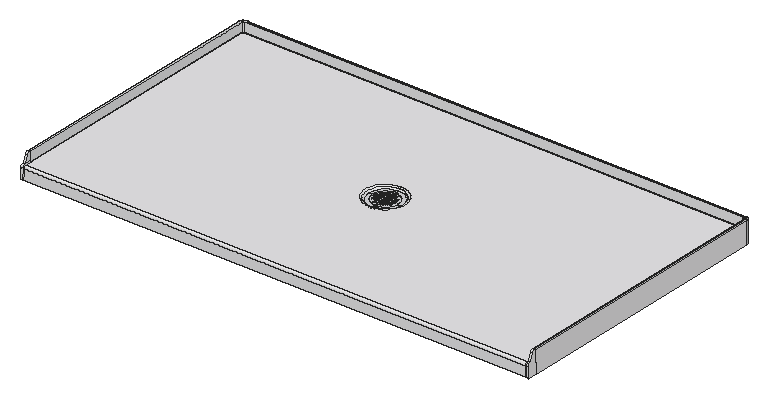
Revit family "Shower-Base-KOHLER-Ballast-K-1938_1", category Plumbing Fixtures, host Face, Revit 2015
Parameters (values of type "0-White")
  Width = 36"  # constant formula
  Waste Water Outlet = "Waste Water Outlet"  # constant formula
  Waste Connection = 1 = 1  # yes
  Vent Connection = 1 = 0  # no
  URL = "https://www.us.kohler.com/us/"
  Product Page URL = "http://www.us.kohler.com/us/catalog/productDetails.jsp?productNumber=1938"
  Product Name = "Ballast"  # constant formula
  Product Documentation Link = "http://www.us.kohler.com/onlinecatalog/pdf/K-1938_spec.pdf"
  Panel Thickness = 0"
  Model = "K-1938-0"  # constant formula
  Material = "Durable Acrylic With Resin Concrete Core Construction"  # constant formula
  MasterFormat 2004 = "22.41.23"  # constant formula
  MasterFormat 1995 = "15410"  # constant formula
  Manufacturer Address = "444 Highland Dr, Kohler, WI 53044"  # constant formula
  Manufacturer = "KOHLER Co."  # constant formula
  Length = 66"  # constant formula
  Hot Water Inlet = "Hot Water Inlet"  # constant formula
  Height = 1 5/8"  # constant formula
  HW Connection = 1 = 0  # no
  Finish = Kohler-Acrylic-0-White
  Environmental Product Declaration = ""
  Drain Included = 1 = 0  # no
  Description = "66 inch x 36 inch shower base with center drain"  # constant formula
  Default Elevation = 0"
  Declare Label = ""
  Date Modified = "01/17/2019"  # constant formula
  Date Created = "01/17/2019"  # constant formula
  Copyright = "Copyright KOHLER Co."  # constant formula
  Contact Us = "https://www.us.kohler.com/us/static/contact.jsp"
  Cold Water Inlet = "Cold Water Inlet"  # constant formula
  CW Connection = 1 = 0  # no
  Assembly Code = "D2010700"
  ADA Compliant = 1 = 0  # no
Reference planes (in)
  plane 1 "Center (Front/Back)": y = 0
  plane 2: z = 0
  plane 3 "Center (Left/Right)": x = 0
  plane 4: y = 18
  plane 5: x = -33
  plane 6: x = 33
  plane 7: y = -18
  plane 8: z = 2.875
  plane 9: z = 1.625
Forms (in)
  Extrusion 1, void
    sketch origin (0, 0, 0) x (1, 0, 0) y (0, 1, 0)
      loop
        circle (0, 0) r 1.6393
    from -1.49591 to 0.35647
Dimensions and locks (in)
  "Length": plane 5 to plane 6
  "Width": plane 7 to plane 4
  "Height": plane 9 to plane 2
  locked: plane 8 to plane 2 at 2.875
  aligned and locked: plane 2 to host face
  aligned and locked: level to host face
Automatic sketch dimensions
  host sketch curve to host sketch curve = 96"  (x2)
  plane 1 "Center (Front/Back)" to Extrusion 1 sketch curve = 0"
  Extrusion 1 sketch curve to plane 3 "Center (Left/Right)" = 0"
  radius of Extrusion 1 sketch curve = 1.6393"
Nested families (in)
  nested 1: "K-1938" at (0, 0, 0), type "K-1938"
Connectors (in)
  piping at (0, 0, -0.30219), diameter 2, driven by "Waste Connection", driven by "Waste Water Outlet"
    settings: on nested 1, index 1, connector inside diameter 24", connector length 0", flow factor 0, pipe flow 0 GPM, pressure drop 0.00 psi, fitting loss kfactor 0, connector angle 0.00°, fixture units 0, engagement length 0", angle of deflection 0.00°, flow configuration 0, flow direction 2, fitting loss method 0, system type 16, joint type 0, gender type 0, connector reference index -1, connector utility 1, adjustable connector no, is connector primary yes, connector description "Waste Water Outlet"
Definition of nested family "K-1938"
  Parameters (values of type "K-1938")
    Material = none
  Reference planes (in)
    plane 1 "Center (Front/Back)": y = 0
    plane 2: z = 0
    plane 3 "Center (Left/Right)": x = 0
    plane 4: z = 1.625
    plane 5: z = 2.875
    plane 6: x = -33
    plane 7: x = 33
    plane 8: y = 18
    plane 9: y = -18
  Forms (in)
    Sweep 1, solid, material <- "Material", detail levels medium+fine
      path origin (0, 0, 0) x (1, 0, 0) y (0, 1, 0)
        loop
          line (-32.49825, -16.86394) -> (-32.49825, 17.47191)
          arc (-32.49825, 17.47191) -> (-32.49054, 17.49052) -> (-32.47194, 17.49823) r 0.02632
          line (-32.47194, 17.49823) -> (32.47091, 17.49823)
          arc (32.47091, 17.49823) -> (32.49024, 17.49022) -> (32.49825, 17.47088) r 0.02734
          line (32.49825, 17.47088) -> (32.49825, -16.86394)
      profile origin (-32.49825, 0.30399, 0) x (-1, 0, 0) y (0, 0, 1)
        loop
          line (0.50175, 0) -> (0.42924, 2.76899)
          arc (0.42924, 2.76899) -> (0.39974, 2.83645) -> (0.33154, 2.86417) r 0.09774
          line (0.33154, 2.86417) -> (0.26556, 2.86417)
          arc (0.26556, 2.86417) -> (0.19803, 2.83706) -> (0.168, 2.77078) r 0.09766
          line (0.168, 2.77078) -> (0.11815, 1.62899)
          arc (0.11815, 1.62899) -> (0.11186, 1.6151) -> (0.09771, 1.60942) r 0.02045
          line (0.09771, 1.60942) -> (0, 1.60942) -> (0, 0) -> (0.50175, 0)
    Extrusion 2, solid, material <- "Material", detail levels medium+fine
      sketch origin (0, 0, 0) x (1, 0, 0) y (0, 1, 0)
        loop
          line (-32.49825, 17.47191) -> (-32.49825, -16.86394) -> (32.49825, -16.86394) -> (32.49825, 17.47088)
          arc (32.49825, 17.47088) -> (32.49024, 17.49022) -> (32.47091, 17.49823) r 0.02734
          line (32.47091, 17.49823) -> (-32.47194, 17.49823)
          arc (-32.47194, 17.49823) -> (-32.49054, 17.49052) -> (-32.49825, 17.47191) r 0.02632
      from 0 to 1.60942
    Sweep 3, solid, material <- "Material", detail levels medium+fine
      path origin (0, 0, 0) x (1, 0, 0) y (0, 1, 0)
        loop
          line (-33, -16.86394) -> (-32.61926, -16.86394)
      profile origin (-32.80963, -16.86394, 0) x (0, 1, 0) y (0, 0, 1)
        loop
          arc (0, 2.86207) -> (-0.19597, 2.78287) -> (-0.3202, 2.61186) r 0.38346
          line (-0.3202, 2.61186) -> (-0.64876, 1.70915)
          arc (-0.64876, 1.70915) -> (-0.71367, 1.63073) -> (-0.81354, 1.61103) r 0.15164
          arc (-0.81354, 1.61103) -> (-1.01107, 1.55519) -> (-1.1002, 1.37029) r 0.25
          line (-1.1002, 1.37029) -> (-1.13609, 0) -> (0, 0) -> (0, 2.86207)
    Extrusion 4, void, detail levels medium+fine
      sketch origin (0, 0, 0) x (1, 0, 0) y (0, 0, 1)
        loop
          line (-33.25, 0) -> (-33, 0) -> (-32.92749, 2.76905)
          arc (-32.92749, 2.76905) -> (-32.90487, 2.82901) -> (-32.84997, 2.86207) r 0.09774
          line (-32.84997, 2.86207) -> (-33.25, 2.86207) -> (-33.25, 0)
      from 16.6777 to 18.52255
    Extrusion 5, void, detail levels medium+fine
      sketch origin (0, 0, 0.01465) x (1, 0, 0) y (0, 0, 1)
        loop
          arc (-32.61927, 1.69462) -> (-32.5919, 1.63416) -> (-32.53031, 1.60942) r 0.08903
          line (-32.53031, 1.60942) -> (32.53031, 1.60942)
          arc (32.53031, 1.60942) -> (32.59188, 1.63414) -> (32.61926, 1.69457) r 0.08903
          line (32.61926, 1.69457) -> (32.66625, 2.77084)
          arc (32.66625, 2.77084) -> (32.69631, 2.83708) -> (32.76382, 2.86417) r 0.09766
          line (32.76382, 2.86417) -> (-32.76382, 2.86417)
          arc (-32.76382, 2.86417) -> (-32.69628, 2.83706) -> (-32.66625, 2.77078) r 0.09766
          line (-32.66625, 2.77078) -> (-32.61927, 1.69462)
      from 16.86394 to 18.93789
    Sweep 6, solid, material <- "Material", detail levels medium+fine
      path origin (0, 0, 0) x (1, 0, 0) y (0, 1, 0)
        loop
          line (32.61926, -16.86394) -> (-32.61926, -16.86394)
      profile origin (0, -16.86394, 0) x (0, -1, 0) y (0, 0, 1)
        loop
          line (0, 1.60938) -> (0, 0) -> (1.13609, 0) -> (1.10032, 1.36592)
          arc (1.10032, 1.36592) -> (1.02485, 1.53846) -> (0.8504, 1.60938) r 0.25
          line (0.8504, 1.60938) -> (0, 1.60938)
    Sweep 7, solid, material <- "Material", detail levels medium+fine
      path origin (0, 0, 0) x (-1, 0, 0) y (0, 1, 0)
        loop
          line (-33, -16.86394) -> (-32.61926, -16.86394)
      profile origin (32.80963, -16.86394, 0) x (0, -1, 0) y (0, 0, 1)
        loop
          line (0, 2.86207) -> (0, 0) -> (1.13609, 0) -> (1.1002, 1.37029)
          arc (1.1002, 1.37029) -> (1.01107, 1.55519) -> (0.81354, 1.61103) r 0.25
          arc (0.81354, 1.61103) -> (0.71367, 1.63073) -> (0.64876, 1.70915) r 0.15164
          line (0.64876, 1.70915) -> (0.3202, 2.61186)
          arc (0.3202, 2.61186) -> (0.19597, 2.78287) -> (0, 2.86207) r 0.38346
    Extrusion 8, void, detail levels medium+fine
      sketch origin (0, 0, 0) x (-1, 0, 0) y (0, 0, -1)
        loop
          line (-33.25, -2.86207) -> (-32.84997, -2.86207)
          arc (-32.84997, -2.86207) -> (-32.90489, -2.82899) -> (-32.92749, -2.76899) r 0.09774
          line (-32.92749, -2.76899) -> (-33, 0) -> (-33.25, 0) -> (-33.25, -2.86207)
      from 16.6777 to 18.52255
    Revolve 9, void, detail levels medium+fine
      sketch origin (0, 0, 0) x (0, 1, 0) y (0, 0, 1)
        loop
          line (0, 1.6324) -> (-2.73408, 1.6324)
          arc (-2.73408, 1.6324) -> (-2.54015, 1.59383) -> (-2.37574, 1.48397) r 0.50677
          line (-2.37574, 1.48397) -> (-2.15173, 1.25996)
          arc (-2.15173, 1.25996) -> (-2.08878, 1.2179) -> (-2.01452, 1.20312) r 0.19405
          line (-2.01452, 1.20312) -> (0, 1.20312) -> (0, 1.6324)
        axis (0, 1.6324) -> (0, 1.20312)
      angle from 0 to 360
    Revolve 10, solid, material <- "Material", detail levels medium+fine
      sketch origin (0, 0, 0) x (0, 1, 0) y (0, 0, 1)
        loop
          arc (1.52822, -1.34125) -> (1.57245, -1.32293) -> (1.59077, -1.2787) r 0.06255
          line (1.59077, -1.2787) -> (1.59077, 0.38532) -> (2.01018, 0.38532)
          arc (2.01018, 0.38532) -> (2.11576, 0.40632) -> (2.20526, 0.46612) r 0.27588
          line (2.20526, 0.46612) -> (2.4025, 0.66336)
          arc (2.4025, 0.66336) -> (2.67234, 0.84366) -> (2.99064, 0.90697) r 0.83176
          line (2.99064, 0.90697) -> (-0.00002, 0.90697) -> (-0.00002, -1.34125) -> (1.52822, -1.34125)
        axis (-0.00002, 0.90697) -> (-0.00002, -1.34125)
      angle from 0 to 360
    Revolve 11, solid, detail levels medium+fine
      sketch origin (0, 0, 0) x (1, 0, 0) y (0, 0, 1)
        loop
          line (0, -0.30219) -> (0, 1.33355) -> (-2.1875, 1.33355) -> (-2.1875, 1.29908) -> (-1.56139, 1.17737)
          arc (-1.56139, 1.17737) -> (-1.52642, 1.15657) -> (-1.51267, 1.11827) r 0.06021
          line (-1.51267, 1.11827) -> (-1.51267, -0.30219) -> (0, -0.30219)
        axis (0, 1.33355) -> (0, -0.30219)
      angle from 0 to 360
    Extrusion 12, void, detail levels medium+fine
      sketch origin (0, 0, 0) x (1, 0, 0) y (0, 1, 0)
        loop
          arc (-0.65, 1.19973) -> (-0.68536, 1.18508) -> (-0.7, 1.14973) r 0.05
          line (-0.7, 1.14973) -> (-0.7, 0.84348)
          arc (-0.7, 0.84348) -> (-0.68536, 0.80812) -> (-0.65, 0.79348) r 0.05
          line (-0.65, 0.79348) -> (-0.34375, 0.79348)
          arc (-0.34375, 0.79348) -> (-0.30839, 0.80812) -> (-0.29375, 0.84348) r 0.05
          line (-0.29375, 0.84348) -> (-0.29375, 1.14973)
          arc (-0.29375, 1.14973) -> (-0.30839, 1.18508) -> (-0.34375, 1.19973) r 0.05
          line (-0.34375, 1.19973) -> (-0.65, 1.19973)
        loop
          arc (-0.15, 0.69973) -> (-0.18536, 0.68508) -> (-0.2, 0.64973) r 0.05
          line (-0.2, 0.64973) -> (-0.2, 0.34373)
          arc (-0.2, 0.34373) -> (-0.18536, 0.30837) -> (-0.15, 0.29373) r 0.05
          line (-0.15, 0.29373) -> (0.15, 0.29373)
          arc (0.15, 0.29373) -> (0.18536, 0.30837) -> (0.2, 0.34373) r 0.05
          line (0.2, 0.34373) -> (0.2, 0.64973)
          arc (0.2, 0.64973) -> (0.18536, 0.68508) -> (0.15, 0.69973) r 0.05
          line (0.15, 0.69973) -> (-0.15, 0.69973)
        loop
          arc (-0.65, 0.69973) -> (-0.68536, 0.68508) -> (-0.7, 0.64973) r 0.05
          line (-0.7, 0.64973) -> (-0.7, 0.34373)
          arc (-0.7, 0.34373) -> (-0.68536, 0.30837) -> (-0.65, 0.29373) r 0.05
          line (-0.65, 0.29373) -> (-0.344, 0.29373)
          arc (-0.344, 0.29373) -> (-0.30864, 0.30837) -> (-0.294, 0.34373) r 0.05
          line (-0.294, 0.34373) -> (-0.294, 0.64973)
          arc (-0.294, 0.64973) -> (-0.30864, 0.68508) -> (-0.344, 0.69973) r 0.05
          line (-0.344, 0.69973) -> (-0.65, 0.69973)
        loop
          arc (-1.14975, 0.69973) -> (-1.18511, 0.68508) -> (-1.19975, 0.64973) r 0.05
          line (-1.19975, 0.64973) -> (-1.19975, 0.34373)
          arc (-1.19975, 0.34373) -> (-1.18511, 0.30837) -> (-1.14975, 0.29373) r 0.05
          line (-1.14975, 0.29373) -> (-0.84375, 0.29373)
          arc (-0.84375, 0.29373) -> (-0.80839, 0.30837) -> (-0.79375, 0.34373) r 0.05
          line (-0.79375, 0.34373) -> (-0.79375, 0.64973)
          arc (-0.79375, 0.64973) -> (-0.80839, 0.68508) -> (-0.84375, 0.69973) r 0.05
          line (-0.84375, 0.69973) -> (-1.14975, 0.69973)
        loop
          arc (-1.16875, 0.19998) -> (-1.19085, 0.19082) -> (-1.2, 0.16873) r 0.03125
          line (-1.2, 0.16873) -> (-1.2, 0.12498) -> (-1.45, 0.12498) -> (-1.45, -0.12502) -> (-1.2, -0.12502) -> (-1.2, -0.16877)
          arc (-1.2, -0.16877) -> (-1.19085, -0.19087) -> (-1.16875, -0.20002) r 0.03125
          line (-1.16875, -0.20002) -> (-0.84, -0.20002)
          arc (-0.84, -0.20002) -> (-0.80464, -0.18538) -> (-0.79, -0.15002) r 0.05
          line (-0.79, -0.15002) -> (-0.79, 0.14998)
          arc (-0.79, 0.14998) -> (-0.80464, 0.18533) -> (-0.84, 0.19998) r 0.05
          line (-0.84, 0.19998) -> (-1.16875, 0.19998)
        loop
          arc (-0.65, 0.19998) -> (-0.68536, 0.18533) -> (-0.7, 0.14998) r 0.05
          line (-0.7, 0.14998) -> (-0.7, -0.15002)
          arc (-0.7, -0.15002) -> (-0.68536, -0.18538) -> (-0.65, -0.20002) r 0.05
          line (-0.65, -0.20002) -> (-0.34375, -0.20002)
          arc (-0.34375, -0.20002) -> (-0.30839, -0.18538) -> (-0.29375, -0.15002) r 0.05
          line (-0.29375, -0.15002) -> (-0.29375, 0.14998)
          arc (-0.29375, 0.14998) -> (-0.30839, 0.18533) -> (-0.34375, 0.19998) r 0.05
          line (-0.34375, 0.19998) -> (-0.65, 0.19998)
        loop
          arc (-0.15, 0.19998) -> (-0.18536, 0.18533) -> (-0.2, 0.14998) r 0.05
          line (-0.2, 0.14998) -> (-0.2, -0.15002)
          arc (-0.2, -0.15002) -> (-0.18536, -0.18538) -> (-0.15, -0.20002) r 0.05
          line (-0.15, -0.20002) -> (0.15, -0.20002)
          arc (0.15, -0.20002) -> (0.18536, -0.18538) -> (0.2, -0.15002) r 0.05
          line (0.2, -0.15002) -> (0.2, 0.14998)
          arc (0.2, 0.14998) -> (0.18536, 0.18533) -> (0.15, 0.19998) r 0.05
          line (0.15, 0.19998) -> (-0.15, 0.19998)
        loop
          arc (0.34375, 0.19998) -> (0.30839, 0.18533) -> (0.29375, 0.14998) r 0.05
          line (0.29375, 0.14998) -> (0.29375, -0.15002)
          arc (0.29375, -0.15002) -> (0.30839, -0.18538) -> (0.34375, -0.20002) r 0.05
          line (0.34375, -0.20002) -> (0.65, -0.20002)
          arc (0.65, -0.20002) -> (0.68536, -0.18538) -> (0.7, -0.15002) r 0.05
          line (0.7, -0.15002) -> (0.7, 0.14998)
          arc (0.7, 0.14998) -> (0.68536, 0.18533) -> (0.65, 0.19998) r 0.05
          line (0.65, 0.19998) -> (0.34375, 0.19998)
        loop
          arc (0.344, 0.69973) -> (0.30864, 0.68508) -> (0.294, 0.64973) r 0.05
          line (0.294, 0.64973) -> (0.294, 0.34373)
          arc (0.294, 0.34373) -> (0.30864, 0.30837) -> (0.344, 0.29373) r 0.05
          line (0.344, 0.29373) -> (0.65, 0.29373)
          arc (0.65, 0.29373) -> (0.68536, 0.30837) -> (0.7, 0.34373) r 0.05
          line (0.7, 0.34373) -> (0.7, 0.64973)
          arc (0.7, 0.64973) -> (0.68536, 0.68508) -> (0.65, 0.69973) r 0.05
          line (0.65, 0.69973) -> (0.344, 0.69973)
        loop
          arc (0.84375, 0.69973) -> (0.80839, 0.68508) -> (0.79375, 0.64973) r 0.05
          line (0.79375, 0.64973) -> (0.79375, 0.34373)
          arc (0.79375, 0.34373) -> (0.80839, 0.30837) -> (0.84375, 0.29373) r 0.05
          line (0.84375, 0.29373) -> (1.14975, 0.29373)
          arc (1.14975, 0.29373) -> (1.18511, 0.30837) -> (1.19975, 0.34373) r 0.05
          line (1.19975, 0.34373) -> (1.19975, 0.64973)
          arc (1.19975, 0.64973) -> (1.18511, 0.68508) -> (1.14975, 0.69973) r 0.05
          line (1.14975, 0.69973) -> (0.84375, 0.69973)
        loop
          arc (0.34375, 1.19973) -> (0.30839, 1.18508) -> (0.29375, 1.14973) r 0.05
          line (0.29375, 1.14973) -> (0.29375, 0.84348)
          arc (0.29375, 0.84348) -> (0.30839, 0.80812) -> (0.34375, 0.79348) r 0.05
          line (0.34375, 0.79348) -> (0.65, 0.79348)
          arc (0.65, 0.79348) -> (0.68536, 0.80812) -> (0.7, 0.84348) r 0.05
          line (0.7, 0.84348) -> (0.7, 1.14973)
          arc (0.7, 1.14973) -> (0.68536, 1.18508) -> (0.65, 1.19973) r 0.05
          line (0.65, 1.19973) -> (0.34375, 1.19973)
        loop
          arc (0.84375, -0.29377) -> (0.80839, -0.30842) -> (0.79375, -0.34377) r 0.05
          line (0.79375, -0.34377) -> (0.79375, -0.64977)
          arc (0.79375, -0.64977) -> (0.80839, -0.68513) -> (0.84375, -0.69977) r 0.05
          line (0.84375, -0.69977) -> (1.14975, -0.69977)
          arc (1.14975, -0.69977) -> (1.18511, -0.68513) -> (1.19975, -0.64977) r 0.05
          line (1.19975, -0.64977) -> (1.19975, -0.34377)
          arc (1.19975, -0.34377) -> (1.18511, -0.30842) -> (1.14975, -0.29377) r 0.05
          line (1.14975, -0.29377) -> (0.84375, -0.29377)
        loop
          arc (0.344, -0.29377) -> (0.30864, -0.30842) -> (0.294, -0.34377) r 0.05
          line (0.294, -0.34377) -> (0.294, -0.64977)
          arc (0.294, -0.64977) -> (0.30864, -0.68513) -> (0.344, -0.69977) r 0.05
          line (0.344, -0.69977) -> (0.65, -0.69977)
          arc (0.65, -0.69977) -> (0.68536, -0.68513) -> (0.7, -0.64977) r 0.05
          line (0.7, -0.64977) -> (0.7, -0.34377)
          arc (0.7, -0.34377) -> (0.68536, -0.30842) -> (0.65, -0.29377) r 0.05
          line (0.65, -0.29377) -> (0.344, -0.29377)
        loop
          arc (-0.15, -0.29377) -> (-0.18536, -0.30842) -> (-0.2, -0.34377) r 0.05
          line (-0.2, -0.34377) -> (-0.2, -0.64977)
          arc (-0.2, -0.64977) -> (-0.18536, -0.68513) -> (-0.15, -0.69977) r 0.05
          line (-0.15, -0.69977) -> (0.15, -0.69977)
          arc (0.15, -0.69977) -> (0.18536, -0.68513) -> (0.2, -0.64977) r 0.05
          line (0.2, -0.64977) -> (0.2, -0.34377)
          arc (0.2, -0.34377) -> (0.18536, -0.30842) -> (0.15, -0.29377) r 0.05
          line (0.15, -0.29377) -> (-0.15, -0.29377)
        loop
          arc (-0.65, -0.29377) -> (-0.68536, -0.30842) -> (-0.7, -0.34377) r 0.05
          line (-0.7, -0.34377) -> (-0.7, -0.64977)
          arc (-0.7, -0.64977) -> (-0.68536, -0.68513) -> (-0.65, -0.69977) r 0.05
          line (-0.65, -0.69977) -> (-0.344, -0.69977)
          arc (-0.344, -0.69977) -> (-0.30864, -0.68513) -> (-0.294, -0.64977) r 0.05
          line (-0.294, -0.64977) -> (-0.294, -0.34377)
          arc (-0.294, -0.34377) -> (-0.30864, -0.30842) -> (-0.344, -0.29377) r 0.05
          line (-0.344, -0.29377) -> (-0.65, -0.29377)
        loop
          arc (0.34375, -0.79352) -> (0.30839, -0.80817) -> (0.29375, -0.84352) r 0.05
          line (0.29375, -0.84352) -> (0.29375, -1.14977)
          arc (0.29375, -1.14977) -> (0.30839, -1.18513) -> (0.34375, -1.19977) r 0.05
          line (0.34375, -1.19977) -> (0.65, -1.19977)
          arc (0.65, -1.19977) -> (0.68536, -1.18513) -> (0.7, -1.14977) r 0.05
          line (0.7, -1.14977) -> (0.7, -0.84352)
          arc (0.7, -0.84352) -> (0.68536, -0.80817) -> (0.65, -0.79352) r 0.05
          line (0.65, -0.79352) -> (0.34375, -0.79352)
        loop
          arc (-0.65, -0.79352) -> (-0.68536, -0.80817) -> (-0.7, -0.84352) r 0.05
          line (-0.7, -0.84352) -> (-0.7, -1.14977)
          arc (-0.7, -1.14977) -> (-0.68536, -1.18513) -> (-0.65, -1.19977) r 0.05
          line (-0.65, -1.19977) -> (-0.34375, -1.19977)
          arc (-0.34375, -1.19977) -> (-0.30839, -1.18513) -> (-0.29375, -1.14977) r 0.05
          line (-0.29375, -1.14977) -> (-0.29375, -0.84352)
          arc (-0.29375, -0.84352) -> (-0.30839, -0.80817) -> (-0.34375, -0.79352) r 0.05
          line (-0.34375, -0.79352) -> (-0.65, -0.79352)
        loop
          arc (-1.14975, -0.29377) -> (-1.18511, -0.30842) -> (-1.19975, -0.34377) r 0.05
          line (-1.19975, -0.34377) -> (-1.19975, -0.64977)
          arc (-1.19975, -0.64977) -> (-1.18511, -0.68513) -> (-1.14975, -0.69977) r 0.05
          line (-1.14975, -0.69977) -> (-0.84375, -0.69977)
          arc (-0.84375, -0.69977) -> (-0.80839, -0.68513) -> (-0.79375, -0.64977) r 0.05
          line (-0.79375, -0.64977) -> (-0.79375, -0.34377)
          arc (-0.79375, -0.34377) -> (-0.80839, -0.30842) -> (-0.84375, -0.29377) r 0.05
          line (-0.84375, -0.29377) -> (-1.14975, -0.29377)
        loop
          arc (-0.2, -1.16852) -> (-0.19085, -1.19062) -> (-0.16875, -1.19977) r 0.03125
          line (-0.16875, -1.19977) -> (-0.13, -1.19977) -> (-0.13, -1.47152) -> (0.13, -1.47152) -> (0.13, -1.19977) -> (0.16875, -1.19977)
          arc (0.16875, -1.19977) -> (0.19085, -1.19062) -> (0.2, -1.16852) r 0.03125
          line (0.2, -1.16852) -> (0.2, -0.83977)
          arc (0.2, -0.83977) -> (0.18536, -0.80442) -> (0.15, -0.78977) r 0.05
          line (0.15, -0.78977) -> (-0.15, -0.78977)
          arc (-0.15, -0.78977) -> (-0.18536, -0.80442) -> (-0.2, -0.83977) r 0.05
          line (-0.2, -0.83977) -> (-0.2, -1.16852)
        loop
          arc (1.16875, -0.20002) -> (1.19085, -0.19087) -> (1.2, -0.16877) r 0.03125
          line (1.2, -0.16877) -> (1.2, -0.12502) -> (1.45, -0.12502) -> (1.45, 0.12498) -> (1.2, 0.12498) -> (1.2, 0.16873)
          arc (1.2, 0.16873) -> (1.19085, 0.19082) -> (1.16875, 0.19998) r 0.03125
          line (1.16875, 0.19998) -> (0.84, 0.19998)
          arc (0.84, 0.19998) -> (0.80464, 0.18533) -> (0.79, 0.14998) r 0.05
          line (0.79, 0.14998) -> (0.79, -0.15002)
          arc (0.79, -0.15002) -> (0.80464, -0.18538) -> (0.84, -0.20002) r 0.05
          line (0.84, -0.20002) -> (1.16875, -0.20002)
        loop
          arc (0.2, 1.16753) -> (0.19057, 1.1903) -> (0.1678, 1.19973) r 0.0322
          line (0.1678, 1.19973) -> (0.13, 1.19973) -> (0.13, 1.44973) -> (-0.13, 1.44973) -> (-0.13, 1.19973) -> (-0.16875, 1.19973)
          arc (-0.16875, 1.19973) -> (-0.19085, 1.19057) -> (-0.2, 1.16848) r 0.03125
          line (-0.2, 1.16848) -> (-0.2, 0.83973)
          arc (-0.2, 0.83973) -> (-0.18536, 0.80437) -> (-0.15, 0.78973) r 0.05
          line (-0.15, 0.78973) -> (0.15, 0.78973)
          arc (0.15, 0.78973) -> (0.18536, 0.80437) -> (0.2, 0.83973) r 0.05
          line (0.2, 0.83973) -> (0.2, 1.16753)
      from 0.6279 to 2.01629
    Extrusion 13, void, detail levels medium+fine
      sketch origin (0, 0, 0) x (1, 0, 0) y (0, 1, 0)
        loop
          circle (0, 0) r 1.67829
      from 1.31562 to 2.58908
    Extrusion 14, solid, material <- "Material", detail levels coarse
      sketch origin (0, 0, 0) x (1, 0, 0) y (0, 1, 0)
        loop
          line (-32.99825, 17.99823) -> (-32.99825, -18) -> (32.99825, -18) -> (32.99825, 17.99823) -> (-32.99825, 17.99823)
        loop
          line (-32.61487, 17.61278) -> (-32.61487, -17.61278) -> (32.61487, -17.61278) -> (32.61487, 17.61278) -> (-32.61487, 17.61278)
      from 0 to 2.86207
    Extrusion 15, solid, material <- "Material", detail levels coarse
      sketch origin (0, 0, 0) x (1, 0, 0) y (0, 1, 0)
        loop
          line (-32.61487, -17.61278) -> (32.61487, -17.61278) -> (32.61487, 17.61278) -> (-32.61487, 17.61278) -> (-32.61487, -17.61278)
      from 0 to 1.60675
    Extrusion 16, void, detail levels coarse
      sketch origin (0, 0, 0) x (1, 0, 0) y (0, 0, 1)
        loop
          line (-32.59597, 1.60938) -> (32.59597, 1.60938) -> (32.59597, 3.10938) -> (-32.59597, 3.10938) -> (-32.59597, 1.60938)
      from 16.86394 to 18.56047
    Extrusion 17, solid, material <- "Material", detail levels coarse
      sketch origin (0, 0, 0) x (1, 0, 0) y (0, 1, 0)
        loop
          circle (0, 0) r 1.59079
      from -1.34948 to 0.28274
  Cuts and joins
    Extrusion 4, Extrusion 5, Extrusion 8 cuts Sweep 3
    Extrusion 5, Extrusion 8 cuts Sweep 7
    joined: Sweep 3, Sweep 7
    Extrusion 12, Extrusion 13 cuts Revolve 11
    Extrusion 8, Revolve 9, Extrusion 12 cuts Sweep 1
    Extrusion 8, Revolve 9, Extrusion 12 cuts Extrusion 2
    Extrusion 8, Revolve 9, Extrusion 12 cuts Sweep 6
    Extrusion 12 cuts Revolve 10
    joined: Sweep 1, Extrusion 2, Sweep 6, Revolve 10
    Extrusion 16 cuts Extrusion 14
    joined: Extrusion 14, Extrusion 15, Extrusion 17
  Lines and regions (in)
    Masking region 1
      outline origin (0, 0, 0) x (1, 0, 0) y (0, 0, 1)
        loop
          line (-33, 0) -> (-1.59079, 0) -> (-1.59079, -1.27895)
          arc (-1.59079, -1.27895) -> (-1.57254, -1.323) -> (-1.52849, -1.34125) r 0.0623
          line (-1.52849, -1.34125) -> (1.52873, -1.34125)
          arc (1.52873, -1.34125) -> (1.57261, -1.32307) -> (1.59079, -1.27919) r 0.06206
          line (1.59079, -1.27919) -> (1.59079, 0) -> (33, 0) -> (32.9279, 2.75327)
          arc (32.9279, 2.75327) -> (32.89017, 2.83954) -> (32.80295, 2.875) r 0.125
          line (32.80295, 2.875) -> (-32.80295, 2.875)
          arc (-32.80295, 2.875) -> (-32.89017, 2.83954) -> (-32.9279, 2.75327) r 0.125
          line (-32.9279, 2.75327) -> (-33, 0)
    Masking region 2
      outline origin (0, 0, 0) x (0, 1, 0) y (0, 0, 1)
        loop
          line (17.99998, 0) -> (17.92788, 2.75327)
          arc (17.92788, 2.75327) -> (17.89015, 2.83954) -> (17.80292, 2.875) r 0.125
          line (17.80292, 2.875) -> (-16.86394, 2.875)
          arc (-16.86394, 2.875) -> (-17.06001, 2.78721) -> (-17.18414, 2.61186) r 0.40725
          line (-17.18414, 2.61186) -> (-17.51273, 1.70907)
          arc (-17.51273, 1.70907) -> (-17.57764, 1.63071) -> (-17.67748, 1.61103) r 0.15164
          arc (-17.67748, 1.61103) -> (-17.875, 1.55519) -> (-17.96414, 1.37029) r 0.25
          line (-17.96414, 1.37029) -> (-18.00002, 0) -> (-1.59077, 0) -> (-1.59077, -1.2787)
          arc (-1.59077, -1.2787) -> (-1.57245, -1.32293) -> (-1.52822, -1.34125) r 0.06255
          line (-1.52822, -1.34125) -> (1.52822, -1.34125)
          arc (1.52822, -1.34125) -> (1.57245, -1.32293) -> (1.59077, -1.2787) r 0.06255
          line (1.59077, -1.2787) -> (1.59077, 0) -> (17.99998, 0)
    Masking region 3
      outline origin (0, 0, 0) x (1, 0, 0) y (0, 1, 0)
        loop
          line (-33, 17.68412) -> (-33, -17.68359)
          arc (-33, -17.68359) -> (-32.90733, -17.90733) -> (-32.68359, -18) r 0.31641
          line (-32.68359, -18) -> (32.68359, -18)
          arc (32.68359, -18) -> (32.90733, -17.90733) -> (33, -17.68359) r 0.31641
          line (33, -17.68359) -> (33, 17.68359)
          arc (33, 17.68359) -> (32.90733, 17.90733) -> (32.68359, 18) r 0.31641
          line (32.68359, 18) -> (-32.68412, 18)
          arc (-32.68412, 18) -> (-32.90748, 17.90748) -> (-33, 17.68412) r 0.31588
    symbolic lines, detail levels medium+fine
      curve 1: line (-32.66535, 0, 2.76478) -> (-32.62058, 0, 1.73932)
      curve 2: line (-32.53146, 0, 1.625) -> (32.53146, 0, 1.625)
      curve 3: arc (-32.77738, 0, 2.875) -> (-32.69968, 0, 2.84194) -> (-32.66535, 0, 2.76478) r 0.11529
      curve 4: arc (-32.62058, 0, 1.73932) -> (-32.59428, 0, 1.66792) -> (-32.53146, 0, 1.625) r 0.125
      curve 5: line (32.66535, 0, 2.76478) -> (32.62058, 0, 1.73932)
      curve 6: arc (32.77738, 0, 2.875) -> (32.69968, 0, 2.84194) -> (32.66535, 0, 2.76478) r 0.11529
      curve 7: arc (32.62058, 0, 1.73932) -> (32.59428, 0, 1.66792) -> (32.53146, 0, 1.625) r 0.125
      curve 8: line (-1.59079, 0, 0) -> (1.59079, 0, 0)
      curve 9: line (0, 1.59077, 0) -> (0, -1.59082, 0)
      curve 10: line (32.61423, 17.82909, 0) -> (-32.61336, 17.82909, 0)
      curve 11: line (-32.82912, 17.61334, 0) -> (-32.82912, -17.64227, 0)
      curve 12: arc (-32.61336, 17.82909, 0) -> (-32.76592, 17.7659, 0) -> (-32.82912, 17.61334, 0) r 0.21576
      curve 13: line (32.82912, 17.61421, 0) -> (32.82912, -17.64227, 0)
      curve 14: arc (32.82912, 17.61421, 0) -> (32.76618, 17.76616, 0) -> (32.61423, 17.82909, 0) r 0.21488
      curve 15: line (-32.48483, -17.3986, 0) -> (-32.48483, 17.42535, 0)
      curve 16: line (-32.42593, 17.48425, 0) -> (32.42671, 17.48425, 0)
      curve 17: line (32.48485, 17.42611, 0) -> (32.48485, -17.4117, 0)
      curve 18: line (32.71542, -17.64227, 0) -> (33, -17.64227, 0)
      curve 19: arc (32.48485, -17.4117, 0) -> (32.55238, -17.57474, 0) -> (32.71542, -17.64227, 0) r 0.23057
      curve 20: arc (32.42671, 17.48425, 0) -> (32.46782, 17.46722, 0) -> (32.48485, 17.42611, 0) r 0.05814
      curve 21: arc (-32.48483, 17.42535, 0) -> (-32.46758, 17.467, 0) -> (-32.42593, 17.48425, 0) r 0.0589
      curve 22: line (-32.71542, -17.64227, 0) -> (-33, -17.64227, 0)
      curve 23: arc (-32.48485, -17.4117, 0) -> (-32.55238, -17.57474, 0) -> (-32.71542, -17.64227, 0) r 0.23057
      curve 24: line (-25.81518, 16.21115, 0) -> (25.81518, 16.21115, 0)
      curve 25: line (31.06518, 10.96115, 0) -> (31.06518, -10.45333, 0)
      curve 26: line (-25.81518, -15.70333, 0) -> (25.81518, -15.70333, 0)
      curve 27: line (-31.06518, 10.96115, 0) -> (-31.06518, -10.45333, 0)
      curve 28: arc (-31.06518, 10.96115, 0) -> (-29.5275, 14.67346, 0) -> (-25.81518, 16.21115, 0) r 5.25
      curve 29: arc (-31.06518, -10.45333, 0) -> (-29.5275, -14.16564, 0) -> (-25.81518, -15.70333, 0) r 5.25
      curve 30: arc (25.81518, -15.70333, 0) -> (29.5275, -14.16564, 0) -> (31.06518, -10.45333, 0) r 5.25
      curve 31: arc (25.81518, 16.21115, 0) -> (29.5275, 14.67346, 0) -> (31.06518, 10.96115, 0) r 5.25
      curve 32: arc (-30.06518, 10.96115, 0) -> (-28.82039, 13.96635, 0) -> (-25.81518, 15.21115, 0) r 4.25
      curve 33: line (-25.81518, 15.21115, 0) -> (25.81518, 15.21115, 0)
      curve 34: arc (25.81518, 15.21115, 0) -> (28.82039, 13.96635, 0) -> (30.06518, 10.96115, 0) r 4.25
      curve 35: line (30.06518, 10.96115, 0) -> (30.06518, -10.45333, 0)
      curve 36: arc (25.81518, -14.70333, 0) -> (28.82039, -13.45854, 0) -> (30.06518, -10.45333, 0) r 4.25
      curve 37: line (-25.81518, -14.70333, 0) -> (25.81518, -14.70333, 0)
      curve 38: arc (-30.06518, -10.45333, 0) -> (-28.82039, -13.45854, 0) -> (-25.81518, -14.70333, 0) r 4.25
      curve 39: line (-30.06518, 10.96115, 0) -> (-30.06518, -10.45333, 0)
      curve 40: circle (0, 0, 0) r 2.58322 normal (0, 0, 1)
      curve 41: circle (0, 0, 0) r 2.1875 normal (0, 0, 1)
      curve 42: line (-0.65, 1.19973, 0) -> (-0.34375, 1.19973, 0)
      curve 43: arc (-0.34375, 1.19973, 0) -> (-0.30839, 1.18508, 0) -> (-0.29375, 1.14973, 0) r 0.05
      curve 44: line (-0.29375, 1.14973, 0) -> (-0.29375, 0.84348, 0)
      curve 45: arc (-0.29375, 0.84348, 0) -> (-0.30839, 0.80812, 0) -> (-0.34375, 0.79348, 0) r 0.05
      curve 46: line (-0.34375, 0.79348, 0) -> (-0.65, 0.79348, 0)
      curve 47: arc (-0.65, 0.79348, 0) -> (-0.68536, 0.80812, 0) -> (-0.7, 0.84348, 0) r 0.05
      curve 48: line (-0.7, 0.84348, 0) -> (-0.7, 1.14973, 0)
      curve 49: arc (-0.7, 1.14973, 0) -> (-0.68536, 1.18508, 0) -> (-0.65, 1.19973, 0) r 0.05
      curve 50: line (-0.15, 0.69973, 0) -> (0.15, 0.69973, 0)
      curve 51: arc (0.15, 0.69973, 0) -> (0.18536, 0.68508, 0) -> (0.2, 0.64973, 0) r 0.05
      curve 52: line (0.2, 0.64973, 0) -> (0.2, 0.34373, 0)
      curve 53: arc (0.2, 0.34373, 0) -> (0.18536, 0.30837, 0) -> (0.15, 0.29373, 0) r 0.05
      curve 54: line (0.15, 0.29373, 0) -> (-0.15, 0.29373, 0)
      curve 55: arc (-0.15, 0.29373, 0) -> (-0.18536, 0.30837, 0) -> (-0.2, 0.34373, 0) r 0.05
      curve 56: line (-0.2, 0.34373, 0) -> (-0.2, 0.64973, 0)
      curve 57: arc (-0.2, 0.64973, 0) -> (-0.18536, 0.68508, 0) -> (-0.15, 0.69973, 0) r 0.05
      curve 58: line (-0.65, 0.69973, 0) -> (-0.344, 0.69973, 0)
      curve 59: arc (-0.344, 0.69973, 0) -> (-0.30864, 0.68508, 0) -> (-0.294, 0.64973, 0) r 0.05
      curve 60: line (-0.294, 0.64973, 0) -> (-0.294, 0.34373, 0)
      curve 61: arc (-0.294, 0.34373, 0) -> (-0.30864, 0.30837, 0) -> (-0.344, 0.29373, 0) r 0.05
      curve 62: line (-0.344, 0.29373, 0) -> (-0.65, 0.29373, 0)
      curve 63: arc (-0.65, 0.29373, 0) -> (-0.68536, 0.30837, 0) -> (-0.7, 0.34373, 0) r 0.05
      curve 64: line (-0.7, 0.34373, 0) -> (-0.7, 0.64973, 0)
      curve 65: arc (-0.7, 0.64973, 0) -> (-0.68536, 0.68508, 0) -> (-0.65, 0.69973, 0) r 0.05
      curve 66: line (-1.14975, 0.69973, 0) -> (-0.84375, 0.69973, 0)
      curve 67: arc (-0.84375, 0.69973, 0) -> (-0.80839, 0.68508, 0) -> (-0.79375, 0.64973, 0) r 0.05
      curve 68: line (-0.79375, 0.64973, 0) -> (-0.79375, 0.34373, 0)
      curve 69: arc (-0.79375, 0.34373, 0) -> (-0.80839, 0.30837, 0) -> (-0.84375, 0.29373, 0) r 0.05
      curve 70: line (-0.84375, 0.29373, 0) -> (-1.14975, 0.29373, 0)
      curve 71: arc (-1.14975, 0.29373, 0) -> (-1.18511, 0.30837, 0) -> (-1.19975, 0.34373, 0) r 0.05
      curve 72: line (-1.19975, 0.34373, 0) -> (-1.19975, 0.64973, 0)
      curve 73: arc (-1.19975, 0.64973, 0) -> (-1.18511, 0.68508, 0) -> (-1.14975, 0.69973, 0) r 0.05
      curve 74: line (-1.16875, 0.19998, 0) -> (-0.84, 0.19998, 0)
      curve 75: arc (-0.84, 0.19998, 0) -> (-0.80464, 0.18533, 0) -> (-0.79, 0.14998, 0) r 0.05
      curve 76: line (-0.79, 0.14998, 0) -> (-0.79, -0.15002, 0)
      curve 77: arc (-0.79, -0.15002, 0) -> (-0.80464, -0.18538, 0) -> (-0.84, -0.20002, 0) r 0.05
      curve 78: line (-0.84, -0.20002, 0) -> (-1.16875, -0.20002, 0)
      curve 79: line (-1.2, -0.12502, 0) -> (-1.45, -0.12502, 0)
      curve 80: line (-1.45, -0.12502, 0) -> (-1.45, 0.12498, 0)
      curve 81: line (-1.45, 0.12498, 0) -> (-1.2, 0.12498, 0)
      curve 82: line (-0.65, 0.19998, 0) -> (-0.34375, 0.19998, 0)
      curve 83: arc (-0.34375, 0.19998, 0) -> (-0.30839, 0.18533, 0) -> (-0.29375, 0.14998, 0) r 0.05
      curve 84: line (-0.29375, 0.14998, 0) -> (-0.29375, -0.15002, 0)
      curve 85: arc (-0.29375, -0.15002, 0) -> (-0.30839, -0.18538, 0) -> (-0.34375, -0.20002, 0) r 0.05
      curve 86: line (-0.34375, -0.20002, 0) -> (-0.65, -0.20002, 0)
      curve 87: arc (-0.65, -0.20002, 0) -> (-0.68536, -0.18538, 0) -> (-0.7, -0.15002, 0) r 0.05
      curve 88: line (-0.7, -0.15002, 0) -> (-0.7, 0.14998, 0)
      curve 89: arc (-0.7, 0.14998, 0) -> (-0.68536, 0.18533, 0) -> (-0.65, 0.19998, 0) r 0.05
      curve 90: line (-0.15, 0.19998, 0) -> (0.15, 0.19998, 0)
      curve 91: arc (0.15, 0.19998, 0) -> (0.18536, 0.18533, 0) -> (0.2, 0.14998, 0) r 0.05
      curve 92: line (0.2, 0.14998, 0) -> (0.2, -0.15002, 0)
      curve 93: arc (0.2, -0.15002, 0) -> (0.18536, -0.18538, 0) -> (0.15, -0.20002, 0) r 0.05
      curve 94: line (0.15, -0.20002, 0) -> (-0.15, -0.20002, 0)
      curve 95: arc (-0.15, -0.20002, 0) -> (-0.18536, -0.18538, 0) -> (-0.2, -0.15002, 0) r 0.05
      curve 96: line (-0.2, -0.15002, 0) -> (-0.2, 0.14998, 0)
      curve 97: arc (-0.2, 0.14998, 0) -> (-0.18536, 0.18533, 0) -> (-0.15, 0.19998, 0) r 0.05
      curve 98: line (0.34375, 0.19998, 0) -> (0.65, 0.19998, 0)
      curve 99: arc (0.65, 0.19998, 0) -> (0.68536, 0.18533, 0) -> (0.7, 0.14998, 0) r 0.05
      curve 100: line (0.7, 0.14998, 0) -> (0.7, -0.15002, 0)
      curve 101: arc (0.7, -0.15002, 0) -> (0.68536, -0.18538, 0) -> (0.65, -0.20002, 0) r 0.05
      curve 102: line (0.65, -0.20002, 0) -> (0.34375, -0.20002, 0)
      curve 103: arc (0.34375, -0.20002, 0) -> (0.30839, -0.18538, 0) -> (0.29375, -0.15002, 0) r 0.05
      curve 104: line (0.29375, -0.15002, 0) -> (0.29375, 0.14998, 0)
      curve 105: arc (0.29375, 0.14998, 0) -> (0.30839, 0.18533, 0) -> (0.34375, 0.19998, 0) r 0.05
      curve 106: line (0.344, 0.69973, 0) -> (0.65, 0.69973, 0)
      curve 107: arc (0.65, 0.69973, 0) -> (0.68536, 0.68508, 0) -> (0.7, 0.64973, 0) r 0.05
      curve 108: line (0.7, 0.64973, 0) -> (0.7, 0.34373, 0)
      curve 109: arc (0.7, 0.34373, 0) -> (0.68536, 0.30837, 0) -> (0.65, 0.29373, 0) r 0.05
      curve 110: line (0.65, 0.29373, 0) -> (0.344, 0.29373, 0)
      curve 111: arc (0.344, 0.29373, 0) -> (0.30864, 0.30837, 0) -> (0.294, 0.34373, 0) r 0.05
      curve 112: line (0.294, 0.34373, 0) -> (0.294, 0.64973, 0)
      curve 113: arc (0.294, 0.64973, 0) -> (0.30864, 0.68508, 0) -> (0.344, 0.69973, 0) r 0.05
      curve 114: line (0.84375, 0.69973, 0) -> (1.14975, 0.69973, 0)
      curve 115: arc (1.14975, 0.69973, 0) -> (1.18511, 0.68508, 0) -> (1.19975, 0.64973, 0) r 0.05
      curve 116: line (1.19975, 0.64973, 0) -> (1.19975, 0.34373, 0)
      curve 117: arc (1.19975, 0.34373, 0) -> (1.18511, 0.30837, 0) -> (1.14975, 0.29373, 0) r 0.05
      curve 118: line (1.14975, 0.29373, 0) -> (0.84375, 0.29373, 0)
      curve 119: arc (0.84375, 0.29373, 0) -> (0.80839, 0.30837, 0) -> (0.79375, 0.34373, 0) r 0.05
      curve 120: line (0.79375, 0.34373, 0) -> (0.79375, 0.64973, 0)
      curve 121: arc (0.79375, 0.64973, 0) -> (0.80839, 0.68508, 0) -> (0.84375, 0.69973, 0) r 0.05
      curve 122: line (0.34375, 1.19973, 0) -> (0.65, 1.19973, 0)
      curve 123: arc (0.65, 1.19973, 0) -> (0.68536, 1.18508, 0) -> (0.7, 1.14973, 0) r 0.05
      curve 124: line (0.7, 1.14973, 0) -> (0.7, 0.84348, 0)
      curve 125: arc (0.7, 0.84348, 0) -> (0.68536, 0.80812, 0) -> (0.65, 0.79348, 0) r 0.05
      curve 126: line (0.65, 0.79348, 0) -> (0.34375, 0.79348, 0)
      curve 127: arc (0.34375, 0.79348, 0) -> (0.30839, 0.80812, 0) -> (0.29375, 0.84348, 0) r 0.05
      curve 128: line (0.29375, 0.84348, 0) -> (0.29375, 1.14973, 0)
      curve 129: arc (0.29375, 1.14973, 0) -> (0.30839, 1.18508, 0) -> (0.34375, 1.19973, 0) r 0.05
      curve 130: line (0.84375, -0.29377, 0) -> (1.14975, -0.29377, 0)
      curve 131: arc (1.14975, -0.29377, 0) -> (1.18511, -0.30842, 0) -> (1.19975, -0.34377, 0) r 0.05
      curve 132: line (1.19975, -0.34377, 0) -> (1.19975, -0.64977, 0)
      curve 133: arc (1.19975, -0.64977, 0) -> (1.18511, -0.68513, 0) -> (1.14975, -0.69977, 0) r 0.05
      curve 134: line (1.14975, -0.69977, 0) -> (0.84375, -0.69977, 0)
      curve 135: arc (0.84375, -0.69977, 0) -> (0.80839, -0.68513, 0) -> (0.79375, -0.64977, 0) r 0.05
      curve 136: line (0.79375, -0.64977, 0) -> (0.79375, -0.34377, 0)
      curve 137: arc (0.79375, -0.34377, 0) -> (0.80839, -0.30842, 0) -> (0.84375, -0.29377, 0) r 0.05
      curve 138: line (0.344, -0.29377, 0) -> (0.65, -0.29377, 0)
      curve 139: arc (0.65, -0.29377, 0) -> (0.68536, -0.30842, 0) -> (0.7, -0.34377, 0) r 0.05
      curve 140: line (0.7, -0.34377, 0) -> (0.7, -0.64977, 0)
      curve 141: arc (0.7, -0.64977, 0) -> (0.68536, -0.68513, 0) -> (0.65, -0.69977, 0) r 0.05
      curve 142: line (0.65, -0.69977, 0) -> (0.344, -0.69977, 0)
      curve 143: arc (0.344, -0.69977, 0) -> (0.30864, -0.68513, 0) -> (0.294, -0.64977, 0) r 0.05
      curve 144: line (0.294, -0.64977, 0) -> (0.294, -0.34377, 0)
      curve 145: arc (0.294, -0.34377, 0) -> (0.30864, -0.30842, 0) -> (0.344, -0.29377, 0) r 0.05
      curve 146: line (-0.15, -0.29377, 0) -> (0.15, -0.29377, 0)
      curve 147: arc (0.15, -0.29377, 0) -> (0.18536, -0.30842, 0) -> (0.2, -0.34377, 0) r 0.05
      curve 148: line (0.2, -0.34377, 0) -> (0.2, -0.64977, 0)
      curve 149: arc (0.2, -0.64977, 0) -> (0.18536, -0.68513, 0) -> (0.15, -0.69977, 0) r 0.05
      curve 150: line (0.15, -0.69977, 0) -> (-0.15, -0.69977, 0)
      curve 151: arc (-0.15, -0.69977, 0) -> (-0.18536, -0.68513, 0) -> (-0.2, -0.64977, 0) r 0.05
      curve 152: line (-0.2, -0.64977, 0) -> (-0.2, -0.34377, 0)
      curve 153: arc (-0.2, -0.34377, 0) -> (-0.18536, -0.30842, 0) -> (-0.15, -0.29377, 0) r 0.05
      curve 154: line (-0.65, -0.29377, 0) -> (-0.344, -0.29377, 0)
      curve 155: arc (-0.344, -0.29377, 0) -> (-0.30864, -0.30842, 0) -> (-0.294, -0.34377, 0) r 0.05
      curve 156: line (-0.294, -0.34377, 0) -> (-0.294, -0.64977, 0)
      curve 157: arc (-0.294, -0.64977, 0) -> (-0.30864, -0.68513, 0) -> (-0.344, -0.69977, 0) r 0.05
      curve 158: line (-0.344, -0.69977, 0) -> (-0.65, -0.69977, 0)
      curve 159: arc (-0.65, -0.69977, 0) -> (-0.68536, -0.68513, 0) -> (-0.7, -0.64977, 0) r 0.05
      curve 160: line (-0.7, -0.64977, 0) -> (-0.7, -0.34377, 0)
      curve 161: arc (-0.7, -0.34377, 0) -> (-0.68536, -0.30842, 0) -> (-0.65, -0.29377, 0) r 0.05
      curve 162: line (0.34375, -0.79352, 0) -> (0.65, -0.79352, 0)
      curve 163: arc (0.65, -0.79352, 0) -> (0.68536, -0.80817, 0) -> (0.7, -0.84352, 0) r 0.05
      curve 164: line (0.7, -0.84352, 0) -> (0.7, -1.14977, 0)
      curve 165: arc (0.7, -1.14977, 0) -> (0.68536, -1.18513, 0) -> (0.65, -1.19977, 0) r 0.05
      curve 166: line (0.65, -1.19977, 0) -> (0.34375, -1.19977, 0)
      curve 167: arc (0.34375, -1.19977, 0) -> (0.30839, -1.18513, 0) -> (0.29375, -1.14977, 0) r 0.05
      curve 168: line (0.29375, -1.14977, 0) -> (0.29375, -0.84352, 0)
      curve 169: arc (0.29375, -0.84352, 0) -> (0.30839, -0.80817, 0) -> (0.34375, -0.79352, 0) r 0.05
      curve 170: line (-0.65, -0.79352, 0) -> (-0.34375, -0.79352, 0)
      curve 171: arc (-0.34375, -0.79352, 0) -> (-0.30839, -0.80817, 0) -> (-0.29375, -0.84352, 0) r 0.05
      curve 172: line (-0.29375, -0.84352, 0) -> (-0.29375, -1.14977, 0)
      curve 173: arc (-0.29375, -1.14977, 0) -> (-0.30839, -1.18513, 0) -> (-0.34375, -1.19977, 0) r 0.05
      curve 174: line (-0.34375, -1.19977, 0) -> (-0.65, -1.19977, 0)
      curve 175: arc (-0.65, -1.19977, 0) -> (-0.68536, -1.18513, 0) -> (-0.7, -1.14977, 0) r 0.05
      curve 176: line (-0.7, -1.14977, 0) -> (-0.7, -0.84352, 0)
      curve 177: arc (-0.7, -0.84352, 0) -> (-0.68536, -0.80817, 0) -> (-0.65, -0.79352, 0) r 0.05
      curve 178: line (-1.14975, -0.29377, 0) -> (-0.84375, -0.29377, 0)
      curve 179: arc (-0.84375, -0.29377, 0) -> (-0.80839, -0.30842, 0) -> (-0.79375, -0.34377, 0) r 0.05
      curve 180: line (-0.79375, -0.34377, 0) -> (-0.79375, -0.64977, 0)
      curve 181: arc (-0.79375, -0.64977, 0) -> (-0.80839, -0.68513, 0) -> (-0.84375, -0.69977, 0) r 0.05
      curve 182: line (-0.84375, -0.69977, 0) -> (-1.14975, -0.69977, 0)
      curve 183: arc (-1.14975, -0.69977, 0) -> (-1.18511, -0.68513, 0) -> (-1.19975, -0.64977, 0) r 0.05
      curve 184: line (-1.19975, -0.64977, 0) -> (-1.19975, -0.34377, 0)
      curve 185: arc (-1.19975, -0.34377, 0) -> (-1.18511, -0.30842, 0) -> (-1.14975, -0.29377, 0) r 0.05
      curve 186: line (-0.2, -1.16852, 0) -> (-0.2, -0.83977, 0)
      curve 187: arc (-0.2, -0.83977, 0) -> (-0.18536, -0.80442, 0) -> (-0.15, -0.78977, 0) r 0.05
      curve 188: line (-0.15, -0.78977, 0) -> (0.15, -0.78977, 0)
      curve 189: arc (0.15, -0.78977, 0) -> (0.18536, -0.80442, 0) -> (0.2, -0.83977, 0) r 0.05
      curve 190: line (0.2, -0.83977, 0) -> (0.2, -1.16852, 0)
      curve 191: line (-0.13, -1.47152, 0) -> (0.13, -1.47152, 0)
      curve 192: line (0.13, -1.19977, 0) -> (0.13, -1.47152, 0)
      curve 193: line (-0.13, -1.19977, 0) -> (-0.13, -1.47152, 0)
      curve 194: line (1.16875, -0.20002, 0) -> (0.84, -0.20002, 0)
      curve 195: arc (0.84, -0.20002, 0) -> (0.80464, -0.18538, 0) -> (0.79, -0.15002, 0) r 0.05
      curve 196: line (0.79, -0.15002, 0) -> (0.79, 0.14998, 0)
      curve 197: arc (0.79, 0.14998, 0) -> (0.80464, 0.18533, 0) -> (0.84, 0.19998, 0) r 0.05
      curve 198: line (0.84, 0.19998, 0) -> (1.16875, 0.19998, 0)
      curve 199: line (1.2, 0.12498, 0) -> (1.45, 0.12498, 0)
      curve 200: line (1.45, 0.12498, 0) -> (1.45, -0.12502, 0)
      curve 201: line (1.45, -0.12502, 0) -> (1.2, -0.12502, 0)
      curve 202: line (0.2, 1.16753, 0) -> (0.2, 0.83973, 0)
      curve 203: arc (0.2, 0.83973, 0) -> (0.18536, 0.80437, 0) -> (0.15, 0.78973, 0) r 0.05
      curve 204: line (0.15, 0.78973, 0) -> (-0.15, 0.78973, 0)
      curve 205: arc (-0.15, 0.78973, 0) -> (-0.18536, 0.80437, 0) -> (-0.2, 0.83973, 0) r 0.05
      curve 206: line (-0.2, 0.83973, 0) -> (-0.2, 1.16848, 0)
      curve 207: line (-0.13, 1.19973, 0) -> (-0.13, 1.44973, 0)
      curve 208: line (-0.13, 1.44973, 0) -> (0.13, 1.44973, 0)
      curve 209: line (0.13, 1.44973, 0) -> (0.13, 1.19973, 0)
      curve 210: line (1.2, 0.12498, 0) -> (1.2, 0.16873, 0)
      curve 211: line (1.2, -0.12502, 0) -> (1.2, -0.16877, 0)
      curve 212: line (-0.13, 1.19973, 0) -> (-0.16875, 1.19973, 0)
      curve 213: line (0.13, 1.19973, 0) -> (0.1678, 1.19973, 0)
      curve 214: line (-1.2, 0.12498, 0) -> (-1.2, 0.16873, 0)
      curve 215: line (-1.2, -0.12502, 0) -> (-1.2, -0.16877, 0)
      curve 216: line (-0.13, -1.19977, 0) -> (-0.16875, -1.19977, 0)
      curve 217: line (0.13, -1.19977, 0) -> (0.16875, -1.19977, 0)
      curve 218: arc (0.1678, 1.19973, 0) -> (0.19057, 1.1903, 0) -> (0.2, 1.16753, 0) r 0.0322
      curve 219: arc (-0.2, 1.16848, 0) -> (-0.19085, 1.19057, 0) -> (-0.16875, 1.19973, 0) r 0.03125
      curve 220: arc (1.16875, 0.19998, 0) -> (1.19085, 0.19082, 0) -> (1.2, 0.16873, 0) r 0.03125
      curve 221: arc (1.2, -0.16877, 0) -> (1.19085, -0.19087, 0) -> (1.16875, -0.20002, 0) r 0.03125
      curve 222: arc (0.16875, -1.19977, 0) -> (0.19085, -1.19062, 0) -> (0.2, -1.16852, 0) r 0.03125
      curve 223: arc (-0.16875, -1.19977, 0) -> (-0.19085, -1.19062, 0) -> (-0.2, -1.16852, 0) r 0.03125
      curve 224: arc (-1.2, 0.16873, 0) -> (-1.19085, 0.19082, 0) -> (-1.16875, 0.19998, 0) r 0.03125
      curve 225: arc (-1.2, -0.16877, 0) -> (-1.19085, -0.19087, 0) -> (-1.16875, -0.20002, 0) r 0.03125
  Dimensions and locks (in)
    aligned and locked: plane 2 to level
